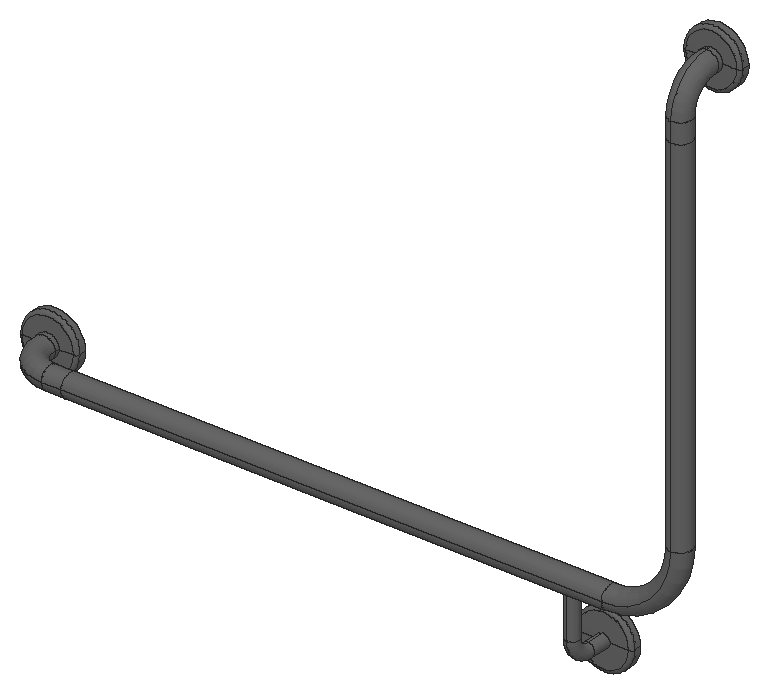
Revit family "RBA4095-901", category Plumbing Fixtures, Revit 2021
Family settings
  Round Connector Dimension = Use Diameter
  Part Type = Normal
  Work Plane-Based = No
  Always vertical = Yes
  Cut with Voids When Loaded = No
  Shared = No
  Room Calculation Point = No
Parameters (values of type "RBA4095-901")
  Watermarked By = "www.rba.com.au"
  URL = "www.rba.com.au"
  R_Void [instance] = 15.00 mm
  R [instance] = 0.00 mm
  Phone Number = ""
  Modified Issue = "20211007.01"
  Model = "RBA4095-901"
  Materials and Finishes = Stainless Steel Matte Black Finish
  Manufacturer Model = "B819436"
  Manufacturer = "RBA Group"  # constant formula
  Description = "90° Angled Grab Rails, LH"
  Default Elevation = 0.00 mm
  Copyright by = "RBA Group"  # constant formula
  Assembly Code = ""
Reference planes
  plane 1 "Center (Front/Back)": y = 0
  plane 2: z = 0
  plane 3: x = 40.5
  plane 4: z = -30
  plane 5: z = 30
  plane 6: x = 70.5
  plane 7: x = 10.5
  plane 8: x = 990.5
  plane 9: x = 515.5
  plane 10: z = 670
  plane 11: z = 730
  plane 12: x = 960.5
  plane 13: x = 1020.5
  plane 14: z = 700
  plane 15: z = -130
  plane 16: z = -70
  plane 17: x = 865.5
  plane 18: x = 805.5
  plane 19: x = 835.5
  plane 20: z = -100
  plane 21: x = 974.5
  plane 22: z = 16
  plane 23: y = -70
  plane 24: y = -86
  plane 25: y = -54
  plane 26: y = -79.5
  plane 27: y = -60.5
Forms (mm)
  Extrusion 1, solid, material "Stainless Steel Matte Black Finish" <- "Materials and Finishes"
    sketch origin (40.5, -2.628, 315.907) x (0, 0, -1) y (-1, 0, 0)
      loop
        circle (315.907, 0) r 40
    from -0.219 to 2.628
  Revolve 2, solid, material "Stainless Steel Matte Black Finish" <- "Materials and Finishes"
    sketch origin (40.5, 18.663, 0) x (0, -1, 0) y (1, 0, 0)
      loop
        line (18.663, 0) -> (18.663, -41.5) -> (27.844, -41.5)
        arc (27.844, -41.5) -> (31.337, -40.077) -> (32.842, -36.617) r 5
        line (32.842, -36.617) -> (33.701, 0) -> (18.663, 0)
      axis (18.663, 0) -> (33.701, 0)
    angle from 0 to 360
  Extrusion 3, void
    sketch origin (40.5, 34.941, 315.907) x (0, 0, -1) y (-1, 0, 0)
      loop
        circle (315.907, -30) r 5
      loop
        circle (315.907, 30) r 5
    from -37.788 to -30
  Sweep 4, solid, material "Stainless Steel Matte Black Finish" <- "Materials and Finishes"
    path origin (40.5, 12.454, 0) x (0, -1, 0) y (-1, 0, 0)
      loop
        line (12.454, 0) -> (34.454, 0)
        arc (34.454, 0) -> (68.395, -14.059) -> (82.454, -48) r 48
        line (82.454, -48) -> (82.454, -76)
    profile origin (40.5, -11, 0) x (1, 0, 0) y (0, 0, 1)
      loop
        circle (0, 0) r 16
  Extrusion 5, solid, material "Stainless Steel Matte Black Finish" <- "Materials and Finishes"
    sketch origin (990.5, -2.628, 1015.907) x (0, 0, -1) y (-1, 0, 0)
      loop
        circle (315.907, 0) r 40
    from -0.219 to 2.628
  Extrusion 6, void
    sketch origin (990.5, 34.941, 1015.907) x (0, 0, -1) y (-1, 0, 0)
      loop
        circle (315.907, 30) r 5
      loop
        circle (315.907, -30) r 5
    from -37.788 to -30
  Sweep 7, solid, material "Stainless Steel Matte Black Finish" <- "Materials and Finishes"
    path origin (1690.5, 12.454, 700) x (0, -1, 0) y (0, 0, 1)
      loop
        line (12.454, 0) -> (34.454, 0)
        arc (34.454, 0) -> (68.395, -14.059) -> (82.454, -48) r 48
        line (82.454, -48) -> (82.454, -76)
    profile origin (1690.5, -11, 700) x (0, 0, 1) y (-1, 0, 0)
      loop
        circle (0, 700) r 16
  Revolve 8, solid, material "Stainless Steel Matte Black Finish" <- "Materials and Finishes"
    sketch origin (990.5, 18.663, 700) x (0, -1, 0) y (1, 0, 0)
      loop
        line (18.663, 0) -> (33.701, 0) -> (32.842, 36.617)
        arc (32.842, 36.617) -> (31.337, 40.077) -> (27.844, 41.5) r 5
        line (27.844, 41.5) -> (18.663, 41.5) -> (18.663, 0)
      axis (18.663, 0) -> (33.701, 0)
    angle from 0 to 360
  Sweep 9, solid, material "Stainless Steel Matte Black Finish" <- "Materials and Finishes"
    path origin (0, 0, 0) x (1, 0, 0) y (0, 0, 1)
      loop
        line (116.5, 0) -> (890.5, 0)
        arc (890.5, 0) -> (961.211, 29.289) -> (990.5, 100) r 100
        line (990.5, 100) -> (990.5, 624)
    profile origin (503.5, 0, 0) x (0, 0, 1) y (0, -1, 0)
      loop
        circle (0, 70) r 16
  Extrusion 10, solid, material "Stainless Steel Matte Black Finish" <- "Materials and Finishes"
    sketch origin (835.5, -2.628, 215.907) x (0, 0, -1) y (-1, 0, 0)
      loop
        circle (315.907, 0) r 40
    from -0.219 to 2.628
  Revolve 11, solid, material "Stainless Steel Matte Black Finish" <- "Materials and Finishes"
    sketch origin (835.5, 18.663, -100) x (0, -1, 0) y (1, 0, 0)
      loop
        line (18.663, 0) -> (18.663, -41.5) -> (27.844, -41.5)
        arc (27.844, -41.5) -> (31.337, -40.077) -> (32.842, -36.617) r 5
        line (32.842, -36.617) -> (33.701, 0) -> (18.663, 0)
      axis (18.663, 0) -> (33.701, 0)
    angle from 0 to 360
  Sweep 12, solid, material "Stainless Steel Matte Black Finish" <- "Materials and Finishes"
    path origin (835.5, 12.454, -100) x (0, -1, 0) y (0, 0, -1)
      loop
        line (12.454, 0) -> (54.454, 0)
        arc (54.454, 0) -> (74.253, -8.201) -> (82.454, -28) r 28
        line (82.454, -28) -> (82.454, -100)
    profile origin (835.5, -21, -100) x (0, 0, -1) y (1, 0, 0)
      loop
        circle (0, 0) r 9.5
  Extrusion 13, void
    sketch origin (835.5, 34.941, 215.907) x (0, 0, -1) y (-1, 0, 0)
      loop
        circle (315.907, -30) r 5
      loop
        circle (315.907, 30) r 5
    from -37.788 to -30
Cuts and joins
  Extrusion 3, Extrusion 6, Extrusion 13 cuts Extrusion 1
  Extrusion 3, Extrusion 6, Extrusion 13 cuts Revolve 2
  Extrusion 13 cuts Sweep 4
  Extrusion 6 cuts Revolve 8
  Extrusion 13 cuts Revolve 11
  joined: Revolve 2, Sweep 4, Sweep 7, Revolve 8, Sweep 9, Revolve 11, Sweep 12
  Extrusion 6 cuts Extrusion 5
  Extrusion 13 cuts Extrusion 10
Dimensions and locks
  Revolve 2 sketch curve to Revolve 2 sketch curve = 41.50 mm
  plane 5 to level to plane 4 = 30.00 mm, 30.00 mm
  plane 7 to plane 6 = 60.00 mm
  plane 11 to plane 10 = 60.00 mm
  plane 12 to plane 13 = 60.00 mm
  Revolve 8 sketch curve to Revolve 8 sketch curve = 41.50 mm
  Revolve 11 sketch curve to Revolve 11 sketch curve = 41.50 mm
  plane 16 to plane 15 = 60.00 mm
  plane 18 to plane 17 = 60.00 mm
  level to plane 20 = 100.00 mm
  plane 14 to level = 700.00 mm
  plane 8 to plane 19 = 155.00 mm
  plane 8 to plane 3 = 950.00 mm
  radius of Extrusion 1 sketch curve = 40.00 mm
  radius of Sweep 4 sketch curve = 16.00 mm
  radius of Extrusion 5 sketch curve = 40.00 mm
  radius of Sweep 7 sketch curve = 16.00 mm
  radius of Extrusion 10 sketch curve = 40.00 mm
  radius of Sweep 12 sketch curve = 9.50 mm
  aligned and locked: Revolve 2 to Extrusion 1
  aligned and locked: Revolve 11 to Extrusion 10
